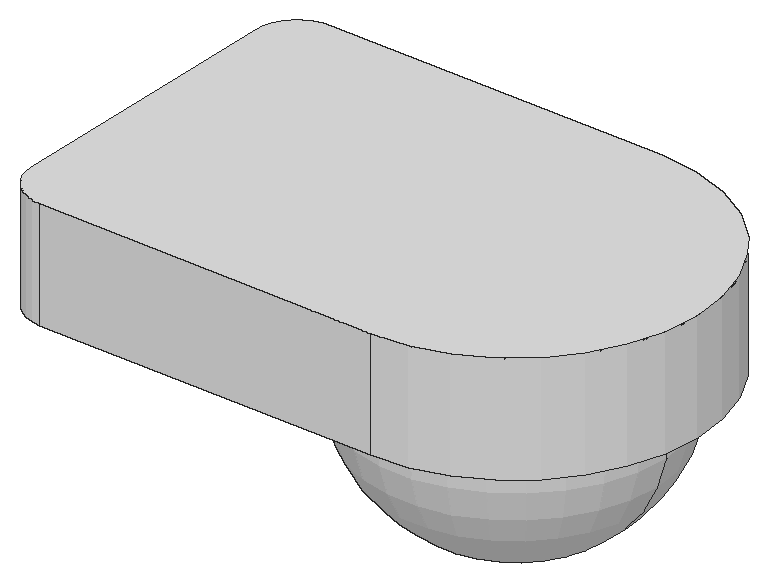
Revit family "252500.01 OSID mottaker 7 grader Tak", category Fire Alarm Devices, Revit 2016
Family settings
  Maintain Annotation Orientation = No
  Part Type = Normal
  Round Connector Dimension = Use Diameter
  OmniClass Number = 23.85.30.21.11.11.11
  OmniClass Title = Smoke Detectors
  Work Plane-Based = No
  Always vertical = Yes
  Cut with Voids When Loaded = No
  Shared = No
  Room Calculation Point = No
Parameters (values of type "Linjedektor mottaker")
  Type Comments = "-RY"
  R = CQ Width / 2  # 65 mm
  NVMottaker = yes
  NS8360 = "5423_XN3"
  Manufacturer = "Honeywell"
  Keynote = "XN3"
  H1 = R - 10 mm  # 55 mm
  CQ Høyre = no
  CQFontSymboler = "w"
  CQ Venstre = not(CQ Høyre)  # yes
  CQ Type tekst synlig = yes
  CQ Type = "LD"
  CQ Montering tekst synlig [instance] = no
  CQ Montering [instance] = "HIM"
  CQ Material = Plastic - White
  CQ Width = 130 mm
  CQ Height = 94 mm
  CQ Length = 198 mm
  CQ Coverage Circle Radius = 70000 mm
  CQ Symbol Positive Direction [instance] = yes
  CQ Symbol Offset Side [instance] = 0 mm
  CQ Symbol Offset Out [instance] = 0 mm
  CQ Coverage Circle = no
  CQ 3D Synlig = not(CQ 2D Synlig)  # no
  CQ 2D Synlig = yes
  Assembly Code = "5423"
Reference planes
  plane 1 "Center (Front/Back)": y = 0
  plane 2: z = 0
  plane 3 "Center (Left/Right)": x = 0
  plane 4: z = -94
  plane 5 "foran a": y = -65
  plane 6 "bak a": y = 65
  plane 7 "høyre": x = 99
  plane 8 "Venstre": x = -99
  plane 9: z = -45
  plane 10: z = -39
  plane 11: x = 89
  plane 12: x = 34
Forms (mm)
  Extrusion 1, solid, material "Plastic - White" <- "CQ Material"
    sketch origin (0, 0, 0) x (1, 0, 0) y (0, 1, 0)
      loop
        arc (-84, 65) -> (-94.607, 60.607) -> (-99, 50) r 15
        line (-99, 50) -> (-99, -50)
        arc (-99, -50) -> (-94.607, -60.607) -> (-84, -65) r 15
        line (-84, -65) -> (34, -65)
        arc (34, -65) -> (99, 0) -> (34, 65) r 65
        line (34, 65) -> (-84, 65)
    from 0 to -39
  Revolve 2, solid, material "Plastic - White" <- "CQ Material"
    sketch origin (0, 0, 0) x (1, 0, 0) y (0, 0, 1)
      loop
        line (34, -39) -> (34, -94)
        arc (34, -94) -> (72.891, -77.891) -> (89, -39) r 55
        line (89, -39) -> (34, -39)
      axis (34, -39) -> (34, -94)
    angle from 0 to 360
Lines and regions (mm)
  model lines, style "InvisibleLines"
    curve 1: line (0, 0, 0) -> (0, 0, 5)
Dimensions and locks
  "CQ Height": plane 2 to plane 4
  "CQ Width": plane 6 "bak a" to plane 5 "foran a"
  equal spacing: plane 6 "bak a", plane 1 "Center (Front/Back)", plane 5 "foran a"
  equal spacing: plane 8 "Venstre", plane 3 "Center (Left/Right)", plane 7 "høyre"
  "CQ Length": plane 8 "Venstre" to plane 7 "høyre"
  "H1": plane 10 to plane 4
  "H1": plane 11 to plane 12
  locked: plane 11 to plane 7 "høyre" at 10
  "R": radius of Extrusion 1 sketch curve
  radius of Extrusion 1 sketch curve = 15 mm  (x2)
  aligned and locked: level to plane 2
  aligned and locked: plane 3 "Center (Left/Right)" to nested 1
  aligned and locked: plane 1 "Center (Front/Back)" to nested 1
  aligned and locked: nested 2 to plane 3 "Center (Left/Right)"
  aligned and locked: nested 2 to plane 1 "Center (Front/Back)"
  aligned and locked: level to curve 1
  aligned and locked: plane 3 "Center (Left/Right)" to curve 1
  aligned and locked: Extrusion 1 sketch curve to plane 6 "bak a"
  aligned and locked: Extrusion 1 sketch curve to plane 8 "Venstre"
  aligned and locked: Extrusion 1 to plane 10
  aligned and locked: Revolve 2 sketch curve to plane 12
  aligned and locked: Revolve 2 sketch curve to plane 10
  aligned and locked: plane 12 to Extrusion 1 sketch curve
  aligned and locked: plane 1 "Center (Front/Back)" to Extrusion 1 sketch curve
Automatic sketch dimensions
  level to curve 1 = 5 mm
  Revolve 2 sketch curve to plane 12 = 0 mm
  Revolve 2 sketch curve to plane 11 = 0 mm
  Revolve 2 sketch curve to plane 4 = 11 mm
  level to Revolve 2 sketch curve = 5 mm
Nested families
  nested 1: "Linjedetektor Symbol" at (0, 0, 0), visible <- "CQ 2D Synlig", type "Type 1"
  nested 2: "Coverage Circle" at (0, 0, 0), visible <- "CQ Coverage Circle", type "Type 1"
Connectors
  electrical at (0, 0, 0)
    settings: index 1, voltage 0 V, apparent load 0 VA, apparent load phase1 0 VA, apparent load phase2 0 VA, apparent load phase3 0 VA, power factor 1, load classification "Other", number of poles 1, system type 11, power factor state 1, is connector primary yes, connector utility no, sub classification motor no, connector description ""
Definition of nested family "Linjedetektor Symbol"
  Parameters (values of type "Type 1")
    Type tekst synlig = yes
    Type = "LD"
    Sender = not(Mottaker)  # no
    Mottaker = yes
    Montering tekst synlig = no
    Montering = "HIM"
    CQ Symbol Positive Direction = yes
    CQ Symbol Negative Direction = not(CQ Symbol Positive Direction)  # no
    CQ Symbol Offset Side = 0 mm
    CQ Symbol Offset Out = 0 mm
  Reference planes
    plane 1: y = 0
    plane 2: x = 0
  Dimensions and locks
    "CQ Symbol Offset Side": nested 2 to plane 2
    "CQ Symbol Offset Side": plane 2 to nested 1
    "CQ Symbol Offset Out": plane 1 to nested 1
    "CQ Symbol Offset Out": plane 1 to nested 2
  Nested families
    nested 1: "Linjedetektor Sub" at (0, 0, 0), visible <- "CQ Symbol Positive Direction", type "Type1"
    nested 2: "Linjedetektor Sub" at (0, 0, 0), visible <- "CQ Symbol Negative Direction", type "Type1"
  Definition of nested family "Linjedetektor Sub"
    Parameters (values of type "Type1")
      Type tekst synlig = yes
      Type = "LD"
      Sender = yes
      Mottaker = yes
      Montering tekst synlig = no
      Montering = "HIM"
    Reference planes
      plane 1: y = 0
      plane 2: x = 0
    Lines and regions (mm)
      detail lines
        curve 1: line (-2.5, -2.5, 0) -> (2.5, -2.5, 0)
        curve 2: line (2.5, -2.5, 0) -> (2.5, 2.5, 0)
        curve 3: line (2.5, 2.5, 0) -> (-2.5, 2.5, 0)
        curve 4: line (-2.5, 2.5, 0) -> (-2.5, -2.5, 0)
        curve 5: circle (-1.25, -1.5, 0) r 0.25 normal (0, 0, 1)
        curve 6: line (-1.25, -0.75, 0) -> (-1, 1.5, 0)
        curve 7: arc (-1, 1.5, 0) -> (-1.25, 1.75, 0) -> (-1.5, 1.5, 0) r 0.25
        curve 8: line (-1.5, 1.5, 0) -> (-1.25, -0.75, 0)
        curve 9: line (-1.25, 0.5, 0) -> (-1.25, 1.5, 0)
        curve 13: line (1.25, -0.83, 0) -> (2, 0.469, 0)
        curve 14: line (1.25, -0.83, 0) -> (0.5, 0.469, 0)
        curve 15: arc (0.189, 0.231, 0) -> (1.25, 0.67, 0) -> (2.311, 0.231, 0) r 1.5
      detail lines, visible <- "Type tekst synlig"
        curve 10: line (-2.5, -4.5, 0) -> (2.5, -4.5, 0)
        curve 11: line (-2.5, -4.5, 0) -> (-2.5, -2.5, 0)
        curve 12: line (2.5, -4.5, 0) -> (2.5, -2.5, 0)
      detail lines, visible <- "Sender"
        curve 16: line (0.198, 1.5, 0) -> (2.298, 1.5, 0)
        curve 17: line (2.298, 1.5, 0) -> (1.396, 2.021, 0)
        curve 18: line (2.298, 1.5, 0) -> (1.396, 0.979, 0)
      detail lines, visible <- "Mottaker"
        curve 19: line (2.298, -1.5, 0) -> (0.198, -1.5, 0)
        curve 20: line (0.198, -1.5, 0) -> (1.101, -2.021, 0)
        curve 21: line (0.198, -1.5, 0) -> (1.101, -0.979, 0)
    Nested families
      nested 1: "txt 1_50" at (3.379, 2.424, 0), visible <- "Montering tekst synlig", Type Name <- "Montering", type "txt"
      nested 2: "txt 1_50" at (-1.901, -3.637, 0), visible <- "Type tekst synlig", Type Name <- "Type", type "txt"
        with Type Name "LD"
    Definition of nested family "txt 1_50"
      Parameters (values of type "txt")
        Type Name [instance] = "HIM"
      Reference planes
        plane 1: y = 0
        plane 2: x = 0
      Text (mm)
        label "TXT" at (1.952, 0, 0), shows "Type Name"
Definition of nested family "Coverage Circle"
  Parameters
    Radius = 3250 mm
  Reference planes
    plane 1 "Center (Front/Back)": y = 0
    plane 2: z = 0
    plane 3 "Center (Left/Right)": x = 0
  Lines and regions (mm)
    detail lines, in view "Ref. Level"
      curve 1: circle (0, 0, 0) r 3250 normal (0, 0, 1)
  Dimensions and locks
    "Radius": radius of curve 1
    aligned and locked: plane 1 "Center (Front/Back)" to curve 1
    aligned and locked: plane 3 "Center (Left/Right)" to curve 1
